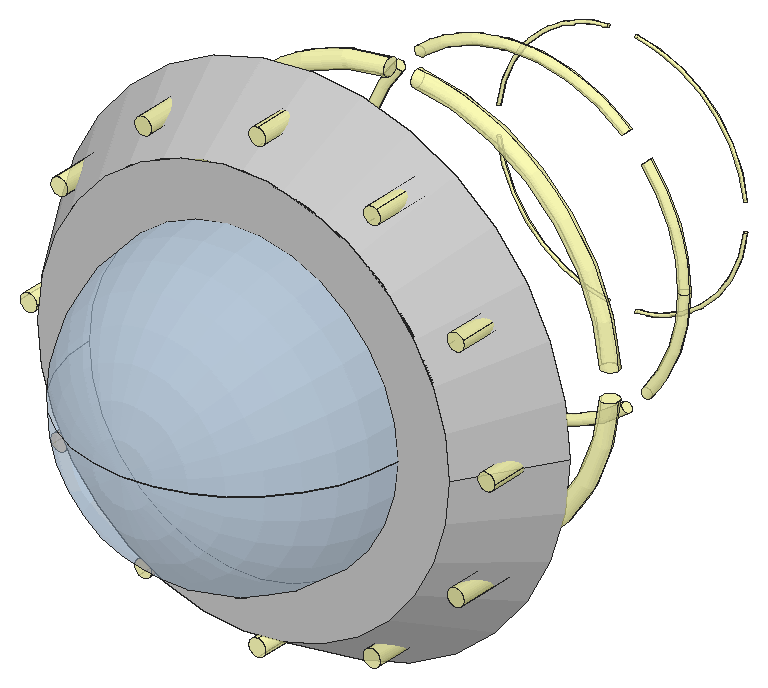
Revit family "UFO_lift", category Generic Models, Revit 2020
Family settings
  Can host rebar = No
  Round Connector Dimension = Use Diameter
  Part Type = Normal
  Work Plane-Based = Yes
  Always vertical = No
  Cut with Voids When Loaded = No
  Shared = No
  Room Calculation Point = No
Parameters (values of type "Family1")
  show_beam [instance] = yes
  Default Elevation = 1219.2 mm
Reference planes
  plane 1 "Center (Front/Back)": y = 0
  plane 2: z = 0
  plane 3 "Center (Left/Right)": x = 0
Dimensions and locks
  aligned and locked: level to plane 2
Nested families
  nested 1: "UFO_unit2" at (0, -3000, 0) x (-1, 0, 0) z (0, -1, 0), show_beam <- "show_beam", type "UFO_unit2"
  nested 2: "UFO_beam" at (0, -3000, 0) x (-1, 0, 0) z (0, -1, 0), type "UFO_beam"
    with show_beam yes
Definition of nested family "UFO_unit2"
  Parameters (values of type "UFO_unit2")
    show_beam [instance] = yes
    Default Elevation = 0 mm
  Reference planes
    plane 1 "Center (Front/Back)": y = 0
    plane 2: z = 0
    plane 3 "Center (Left/Right)": x = 0
  Forms (mm)
    Blend 1, solid
      base sketch origin (0, 0, 0) x (1, 0, 0) y (0, 1, 0)
        loop
          circle (0, 0) r 1500
      top sketch origin (0, 0, 0) x (1, 0, 0) y (0, 1, 0)
        loop
          circle (0, 0) r 1200
      from 0 to 500
    Revolve 2, solid
      sketch origin (0, 0, 0) x (1, 0, 0) y (0, 0, 1)
        loop
          arc (900, 500) -> (636.396, 1136.396) -> (0, 1400) r 900
          line (0, 1400) -> (0, 500) -> (900, 500)
        axis (0, 1400) -> (0, 500)
      angle from 0 to 360
    Extrusion 3, solid
      sketch origin (-900, 0, 0) x (1, 0, 0) y (0, 1, 0)
        loop
          circle (2234.357, 0) r 50
      from 50 to 400
    Extrusion 4, solid
      sketch origin (-779.423, 450, 0) x (0.866025, -0.5, 0) y (0.5, 0.866025, 0)
        loop
          circle (2234.357, 0) r 50
      from 50 to 400
    Extrusion 5, solid
      sketch origin (-779.423, -450, 0) x (0.866025, 0.5, 0) y (-0.5, 0.866025, 0)
        loop
          circle (2234.357, 0) r 50
      from 50 to 400
    Extrusion 6, solid
      sketch origin (-450, -779.423, 0) x (0.5, 0.866025, 0) y (-0.866025, 0.5, 0)
        loop
          circle (2234.357, 0) r 50
      from 50 to 400
    Extrusion 7, solid
      sketch origin (0, -900, 0) x (0, 1, 0) y (-1, 0, 0)
        loop
          circle (2234.357, 0) r 50
      from 50 to 400
    Extrusion 8, solid
      sketch origin (450, -779.423, 0) x (-0.5, 0.866025, 0) y (-0.866025, -0.5, 0)
        loop
          circle (2234.357, 0) r 50
      from 50 to 400
    Extrusion 9, solid
      sketch origin (779.423, -450, 0) x (-0.866025, 0.5, 0) y (-0.5, -0.866025, 0)
        loop
          circle (2234.357, 0) r 50
      from 50 to 400
    Extrusion 10, solid
      sketch origin (900, 0, 0) x (-1, 0, 0) y (0, -1, 0)
        loop
          circle (2234.357, 0) r 50
      from 50 to 400
    Extrusion 11, solid
      sketch origin (779.423, 450, 0) x (-0.866025, -0.5, 0) y (0.5, -0.866025, 0)
        loop
          circle (2234.357, 0) r 50
      from 50 to 400
    Extrusion 12, solid
      sketch origin (450, 779.423, 0) x (-0.5, -0.866025, 0) y (0.866025, -0.5, 0)
        loop
          circle (2234.357, 0) r 50
      from 50 to 400
    Extrusion 13, solid
      sketch origin (0, 900, 0) x (0, -1, 0) y (1, 0, 0)
        loop
          circle (2234.357, 0) r 50
      from 50 to 400
    Extrusion 14, solid
      sketch origin (-450, 779.423, 0) x (0.5, -0.866025, 0) y (0.866025, 0.5, 0)
        loop
          circle (2234.357, 0) r 50
      from 50 to 400
  Lines and regions (mm)
    reference lines
      curve 1: circle (0, 0, 0) r 500 normal (0, 0, 1)
  Dimensions and locks
    aligned and locked: plane 2 to level
    aligned and locked: plane 1 "Center (Front/Back)" to nested 1
    aligned and locked: plane 3 "Center (Left/Right)" to nested 1
  Nested families
    nested 1: "UFO_beam" at (0, 0, 0), visible <- "show_beam", type "UFO_beam"
      with show_beam yes
  Definition of nested family "UFO_beam"
    Parameters (values of type "UFO_beam")
      show_beam [instance] = yes
      Default Elevation = 0 mm
    Reference planes
      plane 1 "Center (Front/Back)": y = 0
      plane 2: z = 0
      plane 3 "Center (Left/Right)": x = 0
    Forms (mm)
      Sweep 1, solid, visible <- "show_beam"
        path in 3D
          loop
            arc (-500, 0, 0) -> (0, -500, 0) -> (500, 0, 0) r 500
            arc (500, 0, 0) -> (0, 500, 0) -> (-500, 0, 0) r 500
        profile "profile : DD" origin (0, 500, 0) x (0, -1, 0) y (0, 0, 1)
          loop
            circle (-223.674, -2260.831) r 10
          loop
            circle (-439.289, -1539.443) r 30
          loop
            circle (-704.924, -667.735) r 50
      Extrusion 2, void
        sketch origin (0, 0, 0) x (1, 0, 0) y (0, 1, 0)
          loop
            line (-3806.428, 80) -> (-3806.428, -80) -> (-80, -80) -> (-80, -3806.428) -> (80, -3806.428) -> (80, -80) -> (4573.572, -80) -> (4573.572, 80) -> (80, 80) -> (80, 4573.572) -> (-80, 4573.572) -> (-80, 80) -> (-3806.428, 80)
        from -1241.889 to -175.378
      Extrusion 3, void
        sketch origin (0, 0, 0) x (1, 0, 0) y (0, 1, 0)
          loop
            line (-3806.428, 80) -> (-3806.428, -80) -> (-80, -80) -> (-80, -3806.428) -> (80, -3806.428) -> (80, -80) -> (4573.572, -80) -> (4573.572, 80) -> (80, 80) -> (80, 4573.572) -> (-80, 4573.572) -> (-80, 80) -> (-3806.428, 80)
        from -3613.173 to -1945.284
      Extrusion 4, void
        sketch origin (0, 0, 0) x (0.707107, -0.707107, 0) y (0.707107, 0.707107, 0)
          loop
            line (-3806.428, 80) -> (-3806.428, -80) -> (-80, -80) -> (-80, -3806.428) -> (80, -3806.428) -> (80, -80) -> (4573.572, -80) -> (4573.572, 80) -> (80, 80) -> (80, 4573.572) -> (-80, 4573.572) -> (-80, 80) -> (-3806.428, 80)
        from -1755.291 to -1457.626
    Cuts and joins
      Extrusion 2, Extrusion 3, Extrusion 4 cuts Sweep 1
    Lines and regions (mm)
      reference lines
        curve 1: circle (0, 0, 0) r 500 normal (0, 0, 1)
      sketch lines
        curve 2: circle (0, 0, 0) r 500 normal (0, 0, 1)
    Dimensions and locks
      aligned and locked: plane 2 to level
Definition of nested family "UFO_beam"
  Parameters (values of type "UFO_beam")
    show_beam [instance] = yes
    Default Elevation = 0 mm
  Reference planes
    plane 1 "Center (Front/Back)": y = 0
    plane 2: z = 0
    plane 3 "Center (Left/Right)": x = 0
  Forms (mm)
    Sweep 1, solid, visible <- "show_beam"
      path in 3D
        loop
          arc (-500, 0, 0) -> (0, -500, 0) -> (500, 0, 0) r 500
          arc (500, 0, 0) -> (0, 500, 0) -> (-500, 0, 0) r 500
      profile "profile : DD" origin (0, 500, 0) x (0, -1, 0) y (0, 0, 1)
        loop
          circle (-223.674, -2260.831) r 10
        loop
          circle (-439.289, -1539.443) r 30
        loop
          circle (-704.924, -667.735) r 50
    Extrusion 2, void
      sketch origin (0, 0, 0) x (1, 0, 0) y (0, 1, 0)
        loop
          line (-3806.428, 80) -> (-3806.428, -80) -> (-80, -80) -> (-80, -3806.428) -> (80, -3806.428) -> (80, -80) -> (4573.572, -80) -> (4573.572, 80) -> (80, 80) -> (80, 4573.572) -> (-80, 4573.572) -> (-80, 80) -> (-3806.428, 80)
      from -1241.889 to -175.378
    Extrusion 3, void
      sketch origin (0, 0, 0) x (1, 0, 0) y (0, 1, 0)
        loop
          line (-3806.428, 80) -> (-3806.428, -80) -> (-80, -80) -> (-80, -3806.428) -> (80, -3806.428) -> (80, -80) -> (4573.572, -80) -> (4573.572, 80) -> (80, 80) -> (80, 4573.572) -> (-80, 4573.572) -> (-80, 80) -> (-3806.428, 80)
      from -3613.173 to -1945.284
    Extrusion 4, void
      sketch origin (0, 0, 0) x (0.707107, -0.707107, 0) y (0.707107, 0.707107, 0)
        loop
          line (-3806.428, 80) -> (-3806.428, -80) -> (-80, -80) -> (-80, -3806.428) -> (80, -3806.428) -> (80, -80) -> (4573.572, -80) -> (4573.572, 80) -> (80, 80) -> (80, 4573.572) -> (-80, 4573.572) -> (-80, 80) -> (-3806.428, 80)
      from -1755.291 to -1457.626
  Cuts and joins
    Extrusion 2, Extrusion 3, Extrusion 4 cuts Sweep 1
  Lines and regions (mm)
    reference lines
      curve 1: circle (0, 0, 0) r 500 normal (0, 0, 1)
    sketch lines
      curve 2: circle (0, 0, 0) r 500 normal (0, 0, 1)
  Dimensions and locks
    aligned and locked: plane 2 to level
